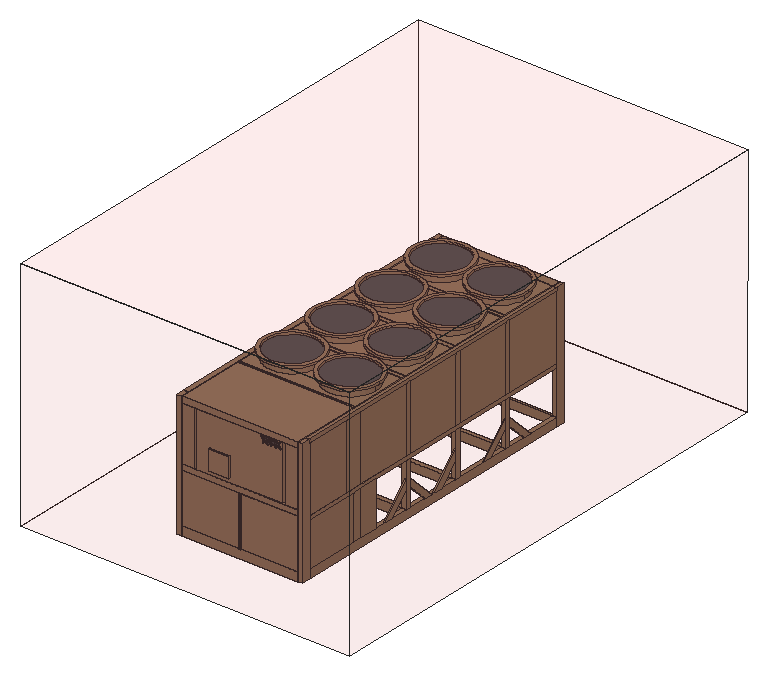
Revit family (continued)
Definition of nested family "Box_Frame-York-YCIV-4_Row"
  Dimensions and locks (in)
    aligned and locked: curve 161 to plane 11 "Box Back Inset"
    aligned and locked: curve 163 to plane 11 "Box Back Inset"
    aligned and locked: curve 165 to plane 11 "Box Back Inset"
    aligned and locked: curve 167 to plane 11 "Box Back Inset"
    aligned and locked: Extrusion 16 sketch curve to plane 17 "Column One Middle"
    aligned and locked: Masking region 17 sketch curve to plane 17 "Column One Middle"
    aligned and locked: Masking region 17 sketch curve to plane 11 "Box Back Inset"
    aligned and locked: plane 10 "Box Inset Right" to Masking region 17 sketch curve
    aligned and locked: Masking region 17 sketch curve to plane 9 "Box Inset Left"
    aligned and locked: Masking region 12 to plane 11 "Box Back Inset"
    aligned and locked: plane 9 "Box Inset Left" to curve 238
    aligned and locked: plane 10 "Box Inset Right" to curve 239
    aligned and locked: plane 10 "Box Inset Right" to curve 238
    aligned and locked: plane 22 "Column Four Back" to curve 238
    aligned and locked: plane 21 "Column Four Front" to curve 239
    aligned and locked: plane 24 "Column Three Back" to curve 240
    aligned and locked: plane 23 "Column Three Front" to curve 241
    aligned and locked: plane 26 "Column Two Back" to curve 242
    aligned and locked: plane 25 "Column Two Front" to curve 243
    aligned and locked: plane 27 "Column One Back" to curve 244
    aligned and locked: Masking region 10 sketch curve to plane 16 "Box Bottom Inset"
    aligned and locked: plane 2 "Box Bottom" to Masking region 10 sketch curve
    aligned and locked: plane 12 "Box Front Inset" to curve 246
    aligned and locked: plane 12 "Box Front Inset" to curve 245
    aligned and locked: plane 11 "Box Back Inset" to curve 246
    aligned and locked: plane 11 "Box Back Inset" to curve 245
    aligned and locked: curve 246 to plane 2 "Box Bottom"
    aligned and locked: curve 245 to plane 16 "Box Bottom Inset"
    aligned and locked: plane 12 "Box Front Inset" to curve 247
    aligned and locked: plane 12 "Box Front Inset" to curve 248
    aligned and locked: plane 11 "Box Back Inset" to curve 248
    aligned and locked: plane 11 "Box Back Inset" to curve 247
    aligned and locked: curve 247 to plane 16 "Box Bottom Inset"
    aligned and locked: curve 248 to plane 2 "Box Bottom"
    aligned and locked: plane 12 "Box Front Inset" to curve 249
    aligned and locked: plane 12 "Box Front Inset" to curve 250
    aligned and locked: plane 11 "Box Back Inset" to curve 250
    aligned and locked: plane 11 "Box Back Inset" to curve 249
    aligned and locked: curve 249 to plane 16 "Box Bottom Inset"
    aligned and locked: curve 250 to plane 2 "Box Bottom"
    aligned and locked: plane 12 "Box Front Inset" to curve 251
    aligned and locked: plane 12 "Box Front Inset" to curve 252
    aligned and locked: plane 11 "Box Back Inset" to curve 252
    aligned and locked: plane 11 "Box Back Inset" to curve 251
    aligned and locked: curve 252 to plane 2 "Box Bottom"
    aligned and locked: curve 251 to plane 16 "Box Bottom Inset"
    aligned and locked: plane 9 "Box Inset Left" to curve 254
    aligned and locked: Masking region 16 sketch curve to plane 11 "Box Back Inset"
    aligned and locked: plane 15 "Top Inset" to curve 261
    aligned and locked: plane 15 "Top Inset" to curve 260
    aligned and locked: plane 15 "Top Inset" to curve 259
    aligned and locked: plane 15 "Top Inset" to curve 258
    aligned and locked: plane 15 "Top Inset" to curve 257
    aligned and locked: plane 15 "Top Inset" to curve 255
    aligned and locked: plane 15 "Top Inset" to curve 256
    aligned and locked: plane 13 "Middle Bar Top" to curve 261
    aligned and locked: plane 13 "Middle Bar Top" to curve 260
    aligned and locked: plane 13 "Middle Bar Top" to curve 259
    aligned and locked: plane 13 "Middle Bar Top" to curve 258
    aligned and locked: plane 13 "Middle Bar Top" to curve 257
    aligned and locked: plane 13 "Middle Bar Top" to curve 255
    aligned and locked: plane 13 "Middle Bar Top" to curve 256
    aligned and locked: plane 25 "Column Two Front" to curve 255
    aligned and locked: plane 26 "Column Two Back" to curve 257
    aligned and locked: plane 23 "Column Three Front" to curve 258
    aligned and locked: plane 24 "Column Three Back" to curve 259
    aligned and locked: plane 21 "Column Four Front" to curve 260
    aligned and locked: plane 22 "Column Four Back" to curve 261
    aligned and locked: Extrusion 17 sketch curve to plane 15 "Top Inset"
    aligned and locked: plane 13 "Middle Bar Top" to Extrusion 17 sketch curve
    aligned and locked: plane 11 "Box Back Inset" to Extrusion 17 sketch curve
    aligned and locked: Extrusion 17 sketch curve to plane 40 "Back Frame Inset"
    aligned and locked: plane 9 "Box Inset Left" to Extrusion 17
    aligned and locked: Extrusion 17 to plane 10 "Box Inset Right"
    aligned and locked: plane 6 "Box Left" to curve 52
    aligned and locked: plane 6 "Box Left" to curve 64
    aligned and locked: plane 2 "Box Bottom" to curve 53
    aligned and locked: plane 2 "Box Bottom" to curve 62
    aligned and locked: plane 2 "Box Bottom" to curve 56
    aligned and locked: plane 2 "Box Bottom" to curve 121
    aligned and locked: plane 2 "Box Bottom" to curve 60
    aligned and locked: plane 10 "Box Inset Right" to curve 119
    aligned and locked: plane 10 "Box Inset Right" to curve 117
    aligned and locked: plane 10 "Box Inset Right" to curve 36
    aligned and locked: plane 10 "Box Inset Right" to curve 40
    aligned and locked: plane 8 "Box Top" to curve 87
    aligned and locked: plane 8 "Box Top" to curve 146
    aligned and locked: plane 8 "Box Top" to curve 72
    aligned and locked: plane 8 "Box Top" to curve 147
    aligned and locked: plane 8 "Box Top" to curve 70
    aligned and locked: plane 8 "Box Top" to curve 78
    aligned and locked: plane 8 "Box Top" to curve 88
    aligned and locked: plane 8 "Box Top" to curve 89
    aligned and locked: plane 8 "Box Top" to curve 90
    aligned and locked: plane 2 "Box Bottom" to curve 78
    aligned and locked: plane 2 "Box Bottom" to curve 94  (x2)
    aligned and locked: plane 2 "Box Bottom" to curve 76
    aligned and locked: plane 2 "Box Bottom" to curve 82
    aligned and locked: plane 2 "Box Bottom" to curve 91
    aligned and locked: plane 2 "Box Bottom" to curve 80
    aligned and locked: plane 2 "Box Bottom" to curve 246
    aligned and locked: plane 2 "Box Bottom" to curve 74
    aligned and locked: plane 2 "Box Bottom" to curve 248
    aligned and locked: plane 2 "Box Bottom" to curve 72
    aligned and locked: plane 2 "Box Bottom" to curve 252
    aligned and locked: plane 11 "Box Back Inset" to curve 124
    aligned and locked: plane 16 "Box Bottom Inset" to curve 247
    aligned and locked: plane 16 "Box Bottom Inset" to curve 245
    aligned and locked: plane 11 "Box Back Inset" to curve 102
    aligned and locked: plane 2 "Box Bottom" to curve 95
    aligned and locked: plane 29 "Front Bar Top" to curve 17
    aligned and locked: plane 29 "Front Bar Top" to curve 21
    aligned and locked: plane 38 "Control Panel Right" to curve 29
    aligned and locked: plane 39 "Control Panel Left" to curve 15
    aligned and locked: plane 38 "Control Panel Right" to curve 15
    aligned and locked: plane 29 "Front Bar Top" to curve 262
    aligned and locked: curve 262 to plane 39 "Control Panel Left"
    aligned and locked: plane 34 "Access Panel Left" to curve 3
    aligned and locked: plane 34 "Access Panel Left" to curve 2
    aligned and locked: plane 35 "Access Panel Right" to curve 2
    aligned and locked: plane 35 "Access Panel Right" to curve 263
    aligned and locked: plane 34 "Access Panel Left" to curve 263
    aligned and locked: plane 33 "Access Panel Top" to curve 263
    aligned and locked: plane 33 "Access Panel Top" to curve 1
    aligned and locked: plane 32 "Access Panel Bottom" to curve 1
    aligned and locked: curve 264 to Extrusion 1
    aligned and locked: plane 33 "Access Panel Top" to curve 264
    aligned and locked: plane 32 "Access Panel Bottom" to curve 264
    aligned and locked: plane 32 "Access Panel Bottom" to curve 6
    aligned and locked: plane 33 "Access Panel Top" to curve 6
    aligned and locked: curve 9 to plane 34 "Access Panel Left"
    aligned and locked: plane 35 "Access Panel Right" to curve 3
    aligned and locked: plane 32 "Access Panel Bottom" to curve 4
    aligned and locked: plane 33 "Access Panel Top" to curve 4
    aligned and locked: plane 2 "Box Bottom" to curve 54
    aligned and locked: plane 9 "Box Inset Left" to curve 34
    aligned and locked: plane 8 "Box Top" to curve 66
    aligned and locked: plane 2 "Box Bottom" to curve 66
    aligned and locked: plane 2 "Box Bottom" to curve 52
    aligned and locked: plane 8 "Box Top" to curve 52
    aligned and locked: plane 6 "Box Left" to curve 53
    aligned and locked: plane 9 "Box Inset Left" to curve 53
    aligned and locked: plane 9 "Box Inset Left" to curve 36
    aligned and locked: plane 9 "Box Inset Left" to curve 38
    aligned and locked: plane 10 "Box Inset Right" to curve 34
    aligned and locked: plane 10 "Box Inset Right" to curve 38
    aligned and locked: plane 12 "Box Front Inset" to curve 97
    aligned and locked: plane 9 "Box Inset Left" to curve 65
    aligned and locked: plane 6 "Box Left" to curve 63
    aligned and locked: plane 9 "Box Inset Left" to curve 63
    aligned and locked: plane 2 "Box Bottom" to curve 64
    aligned and locked: plane 8 "Box Top" to curve 64
    aligned and locked: plane 8 "Box Top" to curve 58
    aligned and locked: plane 8 "Box Top" to curve 56
    aligned and locked: plane 8 "Box Top" to curve 60
    aligned and locked: plane 8 "Box Top" to curve 62
    aligned and locked: plane 7 "Box Right" to curve 55
    aligned and locked: plane 7 "Box Right" to curve 59
    aligned and locked: plane 10 "Box Inset Right" to curve 55
    aligned and locked: plane 10 "Box Inset Right" to curve 59
    aligned and locked: plane 2 "Box Bottom" to curve 57
    aligned and locked: plane 7 "Box Right" to curve 57
    aligned and locked: plane 10 "Box Inset Right" to curve 57
    aligned and locked: plane 7 "Box Right" to curve 61
    aligned and locked: plane 10 "Box Inset Right" to curve 61
    aligned and locked: plane 9 "Box Inset Left" to curve 143
    aligned and locked: plane 10 "Box Inset Right" to curve 143
    aligned and locked: plane 9 "Box Inset Left" to curve 121
    aligned and locked: plane 10 "Box Inset Right" to curve 121
    aligned and locked: plane 9 "Box Inset Left" to curve 119
    aligned and locked: plane 2 "Box Bottom" to curve 58
    aligned and locked: plane 29 "Front Bar Top" to curve 46
    aligned and locked: plane 11 "Box Back Inset" to curve 146
    aligned and locked: plane 10 "Box Inset Right" to curve 141
    aligned and locked: plane 10 "Box Inset Right" to curve 139
    aligned and locked: plane 10 "Box Inset Right" to curve 133
    aligned and locked: plane 10 "Box Inset Right" to curve 131
    aligned and locked: plane 10 "Box Inset Right" to curve 129
    aligned and locked: plane 10 "Box Inset Right" to curve 137
    aligned and locked: plane 10 "Box Inset Right" to curve 125
    aligned and locked: plane 10 "Box Inset Right" to curve 127
    aligned and locked: plane 10 "Box Inset Right" to curve 135
    aligned and locked: plane 10 "Box Inset Right" to curve 123
    aligned and locked: plane 10 "Box Inset Right" to curve 111
    aligned and locked: plane 10 "Box Inset Right" to curve 115
    aligned and locked: plane 10 "Box Inset Right" to curve 109
    aligned and locked: plane 10 "Box Inset Right" to curve 103
    aligned and locked: plane 10 "Box Inset Right" to curve 101
    aligned and locked: plane 10 "Box Inset Right" to curve 105
    aligned and locked: plane 10 "Box Inset Right" to curve 113
    aligned and locked: plane 10 "Box Inset Right" to curve 107
    aligned and locked: plane 9 "Box Inset Left" to curve 141
    aligned and locked: plane 9 "Box Inset Left" to curve 139
    aligned and locked: plane 9 "Box Inset Left" to curve 129
    aligned and locked: plane 9 "Box Inset Left" to curve 131
    aligned and locked: plane 9 "Box Inset Left" to curve 127
    aligned and locked: plane 9 "Box Inset Left" to curve 133
    aligned and locked: plane 9 "Box Inset Left" to curve 125
    aligned and locked: plane 9 "Box Inset Left" to curve 135
    aligned and locked: plane 9 "Box Inset Left" to curve 123
    aligned and locked: plane 9 "Box Inset Left" to curve 137
    aligned and locked: plane 9 "Box Inset Left" to curve 115
    aligned and locked: plane 9 "Box Inset Left" to curve 107
    aligned and locked: plane 9 "Box Inset Left" to curve 113
    aligned and locked: plane 9 "Box Inset Left" to curve 109
    aligned and locked: plane 9 "Box Inset Left" to curve 103
    aligned and locked: plane 9 "Box Inset Left" to curve 101
    aligned and locked: plane 9 "Box Inset Left" to curve 117
    aligned and locked: plane 9 "Box Inset Left" to curve 111
    aligned and locked: plane 9 "Box Inset Left" to curve 105
    aligned and locked: plane 9 "Box Inset Left" to curve 99
    aligned and locked: plane 8 "Box Top" to curve 74
    aligned and locked: plane 8 "Box Top" to curve 68
    aligned and locked: plane 8 "Box Top" to curve 80
    aligned and locked: plane 8 "Box Top" to curve 82
    aligned and locked: plane 2 "Box Bottom" to curve 68
    aligned and locked: plane 2 "Box Bottom" to curve 70
    aligned and locked: plane 14 "Middle Bar Bottom" to curve 173
    aligned and locked: plane 14 "Middle Bar Bottom" to curve 175
    aligned and locked: plane 14 "Middle Bar Bottom" to curve 169
    aligned and locked: plane 14 "Middle Bar Bottom" to curve 177
    aligned and locked: plane 14 "Middle Bar Bottom" to curve 171
    aligned and locked: plane 14 "Middle Bar Bottom" to curve 179
    aligned and locked: plane 14 "Middle Bar Bottom" to curve 181
    aligned and locked: plane 14 "Middle Bar Bottom" to curve 183
    aligned and locked: plane 14 "Middle Bar Bottom" to curve 201
    aligned and locked: plane 14 "Middle Bar Bottom" to curve 203
    aligned and locked: plane 14 "Middle Bar Bottom" to curve 205
    aligned and locked: plane 14 "Middle Bar Bottom" to curve 207
    aligned and locked: plane 14 "Middle Bar Bottom" to curve 213
    aligned and locked: plane 14 "Middle Bar Bottom" to curve 209
    aligned and locked: plane 14 "Middle Bar Bottom" to curve 215
    aligned and locked: plane 14 "Middle Bar Bottom" to curve 211
    aligned and locked: plane 14 "Middle Bar Bottom" to curve 217
    aligned and locked: plane 14 "Middle Bar Bottom" to curve 219
    aligned and locked: plane 14 "Middle Bar Bottom" to curve 221
    aligned and locked: plane 14 "Middle Bar Bottom" to curve 223
    aligned and locked: plane 14 "Middle Bar Bottom" to curve 227
    aligned and locked: plane 14 "Middle Bar Bottom" to curve 225
    aligned and locked: plane 14 "Middle Bar Bottom" to curve 231
    aligned and locked: plane 14 "Middle Bar Bottom" to curve 229
    aligned and locked: plane 14 "Middle Bar Bottom" to curve 191
    aligned and locked: plane 14 "Middle Bar Bottom" to curve 189
    aligned and locked: plane 14 "Middle Bar Bottom" to curve 185
    aligned and locked: plane 14 "Middle Bar Bottom" to curve 187
    aligned and locked: plane 14 "Middle Bar Bottom" to curve 193
    aligned and locked: plane 14 "Middle Bar Bottom" to curve 195
    aligned and locked: plane 14 "Middle Bar Bottom" to curve 197
    aligned and locked: plane 14 "Middle Bar Bottom" to curve 199
    aligned and locked: plane 16 "Box Bottom Inset" to curve 195
    aligned and locked: plane 16 "Box Bottom Inset" to curve 197
    aligned and locked: plane 16 "Box Bottom Inset" to curve 193
    aligned and locked: plane 16 "Box Bottom Inset" to curve 199
    aligned and locked: plane 16 "Box Bottom Inset" to curve 187
    aligned and locked: plane 16 "Box Bottom Inset" to curve 189
    aligned and locked: plane 16 "Box Bottom Inset" to curve 185
    aligned and locked: plane 16 "Box Bottom Inset" to curve 191
    aligned and locked: plane 16 "Box Bottom Inset" to curve 225
    aligned and locked: plane 16 "Box Bottom Inset" to curve 229
    aligned and locked: plane 16 "Box Bottom Inset" to curve 227
    aligned and locked: plane 16 "Box Bottom Inset" to curve 231
    aligned and locked: plane 16 "Box Bottom Inset" to curve 219
    aligned and locked: plane 16 "Box Bottom Inset" to curve 221
    aligned and locked: plane 16 "Box Bottom Inset" to curve 217
    aligned and locked: plane 16 "Box Bottom Inset" to curve 223
    aligned and locked: plane 16 "Box Bottom Inset" to curve 209
    aligned and locked: plane 16 "Box Bottom Inset" to curve 213
    aligned and locked: plane 16 "Box Bottom Inset" to curve 211
    aligned and locked: plane 16 "Box Bottom Inset" to curve 215
    aligned and locked: plane 16 "Box Bottom Inset" to curve 203
    aligned and locked: plane 16 "Box Bottom Inset" to curve 201
    aligned and locked: plane 16 "Box Bottom Inset" to curve 205
    aligned and locked: plane 16 "Box Bottom Inset" to curve 207
    aligned and locked: plane 16 "Box Bottom Inset" to curve 175
    aligned and locked: plane 16 "Box Bottom Inset" to curve 177
    aligned and locked: plane 16 "Box Bottom Inset" to curve 171
    aligned and locked: plane 16 "Box Bottom Inset" to curve 181
    aligned and locked: plane 16 "Box Bottom Inset" to curve 179
    aligned and locked: plane 16 "Box Bottom Inset" to curve 169
    aligned and locked: plane 16 "Box Bottom Inset" to curve 173
    aligned and locked: plane 16 "Box Bottom Inset" to curve 183
    aligned and locked: plane 5 "Box Front" to Extrusion 12
    aligned and locked: plane 41 "Bar Left of Control Panel" to Extrusion 18 sketch curve
    aligned and locked: Extrusion 18 sketch curve to plane 42 "Bar Right of Control Panel"
    aligned and locked: plane 29 "Front Bar Top" to Extrusion 18 sketch curve  (x2)
    aligned and locked: Extrusion 18 sketch curve to plane 9 "Box Inset Left"
    aligned and locked: plane 10 "Box Inset Right" to Extrusion 18 sketch curve
    aligned and locked: Extrusion 18 to plane 36 "Panel Front"
    aligned and locked: plane 5 "Box Front" to Extrusion 18
    aligned and locked: plane 36 "Panel Front" to Extrusion 19 sketch curve
    aligned and locked: Extrusion 19 sketch curve to plane 5 "Box Front"
    aligned and locked: Extrusion 19 sketch curve to plane 43 "Front Bar Left"
    aligned and locked: plane 44 "Front Bar Right" to Extrusion 19 sketch curve
    aligned and locked: plane 30 "Front Bar Bottom" to Extrusion 19
    aligned and locked: Extrusion 19 to plane 16 "Box Bottom Inset"
    aligned and locked: Extrusion 6 sketch curve to plane 5 "Box Front"
    aligned and locked: plane 9 "Box Inset Left" to curve 266
    aligned and locked: plane 10 "Box Inset Right" to curve 266
    aligned and locked: plane 5 "Box Front" to curve 266
    aligned and locked: plane 46 "Angle Support Five Back" to Extrusion 20 sketch curve
    aligned and locked: Extrusion 20 sketch curve to plane 16 "Box Bottom Inset"  (x4)
    aligned and locked: plane 22 "Column Four Back" to Extrusion 20 sketch curve  (x2)
    aligned and locked: plane 48 "Angle Support Top" to Extrusion 20 sketch curve  (x5)
    aligned and locked: plane 16 "Box Bottom Inset" to Extrusion 20 sketch curve  (x6)
    aligned and locked: plane 47 "Angle Support Five Front" to Extrusion 20 sketch curve
    aligned and locked: plane 49 "Angle Support Inside Bottom" to Extrusion 20 sketch curve  (x5)
    aligned and locked: Extrusion 20 sketch curve to plane 21 "Column Four Front"
    aligned and locked: plane 51 "Angle Support Four Back" to Extrusion 20 sketch curve
    aligned and locked: plane 50 "Angle Support Four Front" to Extrusion 20 sketch curve
    aligned and locked: plane 21 "Column Four Front" to Extrusion 20 sketch curve
    aligned and locked: plane 52 "Angle Support Three Back" to Extrusion 20 sketch curve
    aligned and locked: plane 23 "Column Three Front" to Extrusion 20 sketch curve  (x2)
    aligned and locked: plane 53 "Angle Support Three Front" to Extrusion 20 sketch curve
    aligned and locked: plane 54 "Angle Support Two Front" to Extrusion 20 sketch curve
    aligned and locked: plane 26 "Column Two Back" to Extrusion 20 sketch curve  (x2)
    aligned and locked: plane 55 "Angle Support Two Back" to Extrusion 20 sketch curve
    aligned and locked: plane 56 "Angle Support One Back" to Extrusion 20 sketch curve
    aligned and locked: plane 25 "Column Two Front" to Extrusion 20 sketch curve  (x2)
    aligned and locked: plane 57 "Angle Support One Front" to Extrusion 20 sketch curve
    aligned and locked: Extrusion 20 to plane 7 "Box Right"
    aligned and locked: plane 58 "Angle Support Right" to Extrusion 20
    aligned and locked: plane 46 "Angle Support Five Back" to Extrusion 21 sketch curve
    aligned and locked: plane 47 "Angle Support Five Front" to Extrusion 21 sketch curve
    aligned and locked: Extrusion 21 sketch curve to plane 16 "Box Bottom Inset"  (x5)
    aligned and locked: plane 22 "Column Four Back" to Extrusion 21 sketch curve  (x2)
    aligned and locked: plane 49 "Angle Support Inside Bottom" to Extrusion 21 sketch curve  (x5)
    aligned and locked: plane 51 "Angle Support Four Back" to Extrusion 21 sketch curve
    aligned and locked: plane 50 "Angle Support Four Front" to Extrusion 21 sketch curve
    aligned and locked: plane 21 "Column Four Front" to Extrusion 21 sketch curve  (x2)
    aligned and locked: plane 48 "Angle Support Top" to Extrusion 21 sketch curve  (x5)
    aligned and locked: plane 53 "Angle Support Three Front" to Extrusion 21 sketch curve
    aligned and locked: plane 52 "Angle Support Three Back" to Extrusion 21 sketch curve
    aligned and locked: Extrusion 21 sketch curve to plane 23 "Column Three Front"
    aligned and locked: plane 54 "Angle Support Two Front" to Extrusion 21 sketch curve
    aligned and locked: Extrusion 21 sketch curve to plane 26 "Column Two Back"
    aligned and locked: plane 25 "Column Two Front" to Extrusion 21 sketch curve  (x2)
    aligned and locked: plane 56 "Angle Support One Back" to Extrusion 21 sketch curve
    aligned and locked: plane 57 "Angle Support One Front" to Extrusion 21 sketch curve
    aligned and locked: plane 16 "Box Bottom Inset" to Extrusion 21 sketch curve  (x5)
    aligned and locked: plane 26 "Column Two Back" to Extrusion 21 sketch curve
    aligned and locked: plane 55 "Angle Support Two Back" to Extrusion 21 sketch curve
    aligned and locked: plane 23 "Column Three Front" to Extrusion 21 sketch curve
    aligned and locked: plane 6 "Box Left" to Extrusion 21
    aligned and locked: Extrusion 21 to plane 59 "Angle Support Left"
    aligned and locked: plane 33 "Access Panel Top" to Extrusion 1
    aligned and locked: Extrusion 1 to plane 32 "Access Panel Bottom"
    aligned and locked: Extrusion 10 sketch curve to plane 60 "Column One Front"  (x2)
    aligned and locked: Extrusion 11 to plane 28 "Top Column Front"
    aligned and locked: Extrusion 14 sketch curve to plane 28 "Top Column Front"  (x2)
    aligned and locked: Extrusion 2 sketch curve to plane 61 "Top Front Inset"
    aligned and locked: Extrusion 18 sketch curve to plane 61 "Top Front Inset"  (x2)
    aligned and locked: plane 61 "Top Front Inset" to Extrusion 12 sketch curve
    aligned and locked: curve 253 to plane 61 "Top Front Inset"
    aligned and locked: curve 26 to plane 61 "Top Front Inset"
    aligned and locked: curve 121 to plane 5 "Box Front"
    aligned and locked: Masking region 5 sketch curve to plane 8 "Box Top"
    aligned and locked: plane 61 "Top Front Inset" to Extrusion 4
    aligned and locked: plane 10 "Box Inset Right" to curve 267
    aligned and locked: curve 267 to plane 61 "Top Front Inset"
    aligned and locked: plane 42 "Bar Right of Control Panel" to curve 269
    aligned and locked: plane 41 "Bar Left of Control Panel" to curve 268
    aligned and locked: plane 28 "Top Column Front" to curve 256
    aligned and locked: Masking region 16 sketch curve to plane 27 "Column One Back"
    aligned and locked: plane 27 "Column One Back" to Masking region 14 sketch curve
    aligned and locked: plane 16 "Box Bottom Inset" to Masking region 18 sketch curve
    aligned and locked: Masking region 18 sketch curve to plane 14 "Middle Bar Bottom"
    aligned and locked: Masking region 18 sketch curve to plane 12 "Box Front Inset"
    aligned and locked: plane 45 "Side Framing Extra" to Masking region 18 sketch curve
    aligned and locked: plane 47 "Angle Support Five Front" to Masking region 19 sketch curve
    aligned and locked: Masking region 19 sketch curve to plane 16 "Box Bottom Inset"  (x4)
    aligned and locked: plane 22 "Column Four Back" to Masking region 19 sketch curve  (x2)
    aligned and locked: plane 49 "Angle Support Inside Bottom" to Masking region 19 sketch curve  (x5)
    aligned and locked: plane 48 "Angle Support Top" to Masking region 19 sketch curve  (x5)
    aligned and locked: plane 21 "Column Four Front" to Masking region 19 sketch curve  (x2)
    aligned and locked: plane 51 "Angle Support Four Back" to Masking region 19 sketch curve
    aligned and locked: plane 50 "Angle Support Four Front" to Masking region 19 sketch curve
    aligned and locked: plane 23 "Column Three Front" to Masking region 19 sketch curve  (x2)
    aligned and locked: plane 26 "Column Two Back" to Masking region 19 sketch curve  (x2)
    aligned and locked: plane 25 "Column Two Front" to Masking region 19 sketch curve  (x2)
    aligned and locked: plane 56 "Angle Support One Back" to Masking region 19 sketch curve
    aligned and locked: plane 57 "Angle Support One Front" to Masking region 19 sketch curve
    aligned and locked: plane 53 "Angle Support Three Front" to Masking region 19 sketch curve
    aligned and locked: plane 16 "Box Bottom Inset" to Masking region 19 sketch curve  (x6)
    aligned and locked: plane 55 "Angle Support Two Back" to Masking region 19 sketch curve
    aligned and locked: plane 54 "Angle Support Two Front" to Masking region 19 sketch curve
    aligned and locked: plane 52 "Angle Support Three Back" to Masking region 19 sketch curve
    aligned and locked: plane 46 "Angle Support Five Back" to Masking region 19 sketch curve
    aligned and locked: Extrusion 6 sketch curve to plane 60 "Column One Front"
    aligned and locked: curve 141 to plane 60 "Column One Front"
    aligned and locked: curve 117 to plane 60 "Column One Front"
    aligned and locked: curve 18 to plane 61 "Top Front Inset"
    aligned and locked: plane 30 "Front Bar Bottom" to curve 270
    aligned and locked: plane 16 "Box Bottom Inset" to curve 271
    aligned and locked: plane 16 "Box Bottom Inset" to curve 270
    aligned and locked: plane 44 "Front Bar Right" to curve 271
    aligned and locked: plane 43 "Front Bar Left" to curve 270
    aligned and locked: plane 5 "Box Front" to curve 273
    aligned and locked: plane 5 "Box Front" to curve 272
    aligned and locked: plane 12 "Box Front Inset" to curve 273
    aligned and locked: plane 12 "Box Front Inset" to curve 272
    aligned and locked: curve 272 to plane 30 "Front Bar Bottom"
    aligned and locked: curve 273 to plane 30 "Front Bar Bottom"
    aligned and locked: plane 15 "Top Inset" to curve 237
    aligned and locked: plane 61 "Top Front Inset" to curve 274
    aligned and locked: plane 29 "Front Bar Top" to curve 274
    aligned and locked: plane 42 "Bar Right of Control Panel" to curve 275
    aligned and locked: plane 41 "Bar Left of Control Panel" to curve 274
    aligned and locked: plane 5 "Box Front" to curve 278
    aligned and locked: plane 5 "Box Front" to curve 280
    aligned and locked: plane 36 "Panel Front" to curve 278
    aligned and locked: plane 36 "Panel Front" to curve 280
    aligned and locked: curve 278 to plane 61 "Top Front Inset"
    aligned and locked: curve 280 to plane 61 "Top Front Inset"
    aligned and locked: plane 5 "Box Front" to curve 281
    aligned and locked: plane 5 "Box Front" to curve 279
    aligned and locked: plane 36 "Panel Front" to curve 281
    aligned and locked: plane 36 "Panel Front" to curve 279
    aligned and locked: curve 281 to plane 29 "Front Bar Top"
    aligned and locked: curve 279 to plane 29 "Front Bar Top"
    aligned and locked: Masking region 20 sketch curve to plane 4 "Box Back"
    aligned and locked: plane 7 "Box Right" to Masking region 20 sketch curve
    aligned and locked: Masking region 20 sketch curve to plane 6 "Box Left"
    aligned and locked: Masking region 20 sketch curve to plane 5 "Box Front"
    aligned and locked: Masking region 21 sketch curve to plane 30 "Front Bar Bottom"
    aligned and locked: plane 16 "Box Bottom Inset" to Masking region 21 sketch curve
    aligned and locked: plane 44 "Front Bar Right" to Masking region 21 sketch curve
    aligned and locked: Masking region 21 sketch curve to plane 43 "Front Bar Left"
    aligned and locked: Extrusion 22 sketch curve to plane 30 "Front Bar Bottom"  (x2)
    aligned and locked: plane 16 "Box Bottom Inset" to Extrusion 22 sketch curve  (x2)
    aligned and locked: plane 43 "Front Bar Left" to Extrusion 22 sketch curve
    aligned and locked: Extrusion 22 sketch curve to plane 44 "Front Bar Right"
    aligned and locked: plane 10 "Box Inset Right" to Extrusion 22 sketch curve
    aligned and locked: Extrusion 22 sketch curve to plane 9 "Box Inset Left"
    aligned and locked: Extrusion 22 to plane 12 "Box Front Inset"
    aligned and locked: plane 5 "Box Front" to Extrusion 22
    aligned and locked: Masking region 22 sketch curve to plane 30 "Front Bar Bottom"  (x2)
    aligned and locked: plane 16 "Box Bottom Inset" to Masking region 22 sketch curve  (x2)
    aligned and locked: Masking region 22 sketch curve to plane 44 "Front Bar Right"
    aligned and locked: plane 43 "Front Bar Left" to Masking region 22 sketch curve
    aligned and locked: Masking region 22 sketch curve to plane 9 "Box Inset Left"
    aligned and locked: plane 10 "Box Inset Right" to Masking region 22 sketch curve
    aligned and locked: Masking region 23 sketch curve to plane 14 "Middle Bar Bottom"
    aligned and locked: plane 16 "Box Bottom Inset" to Masking region 23 sketch curve
    aligned and locked: plane 27 "Column One Back" to Masking region 23 sketch curve
    aligned and locked: Masking region 23 sketch curve to plane 60 "Column One Front"
    aligned and locked: Extrusion 23 sketch curve to plane 14 "Middle Bar Bottom"  (x2)
    aligned and locked: plane 16 "Box Bottom Inset" to Extrusion 23 sketch curve  (x2)
    aligned and locked: plane 45 "Side Framing Extra" to Extrusion 23 sketch curve
    aligned and locked: Extrusion 23 sketch curve to plane 27 "Column One Back"
    aligned and locked: plane 60 "Column One Front" to Extrusion 23 sketch curve
    aligned and locked: Extrusion 23 sketch curve to plane 12 "Box Front Inset"
    aligned and locked: Extrusion 23 to plane 7 "Box Right"
    aligned and locked: plane 10 "Box Inset Right" to Extrusion 23
    aligned and locked: Extrusion 24 sketch curve to plane 14 "Middle Bar Bottom"  (x2)
    aligned and locked: plane 16 "Box Bottom Inset" to Extrusion 24 sketch curve  (x2)
    aligned and locked: Extrusion 24 sketch curve to plane 12 "Box Front Inset"
    aligned and locked: plane 60 "Column One Front" to Extrusion 24 sketch curve
    aligned and locked: Extrusion 24 sketch curve to plane 27 "Column One Back"
    aligned and locked: plane 45 "Side Framing Extra" to Extrusion 24 sketch curve
    aligned and locked: Extrusion 24 to plane 9 "Box Inset Left"
    aligned and locked: plane 6 "Box Left" to Extrusion 24
  Automatic sketch dimensions
    curve 90 to plane 4 "Box Back" = 0"
    curve 87 to plane 4 "Box Back" = 0"
    curve 84 to plane 5 "Box Front" = 0"
    curve 83 to plane 5 "Box Front" = 0"
    curve 85 to plane 5 "Box Front" = 0"
    curve 86 to plane 5 "Box Front" = 0"
    curve 7 to plane 5 "Box Front" = 0"
    curve 8 to plane 5 "Box Front" = 0"
    curve 8 to plane 37 "Access Panel Front" = 0"
    curve 7 to plane 37 "Access Panel Front" = 0"
    curve 10 to plane 35 "Access Panel Right" = 0"
    curve 9 to plane 5 "Box Front" = 0"
    curve 10 to plane 5 "Box Front" = 0"
    curve 10 to plane 37 "Access Panel Front" = 0"
    curve 9 to plane 37 "Access Panel Front" = 0"
    curve 49 to plane 12 "Box Front Inset" = 0"
    curve 50 to plane 12 "Box Front Inset" = 0"
    curve 22 to plane 36 "Panel Front" = 0"
    curve 23 to plane 36 "Panel Front" = 0"
    curve 49 to plane 36 "Panel Front" = 0"
    curve 43 to plane 36 "Panel Front" = 0"
    curve 23 to plane 5 "Box Front" = 0"
    curve 42 to plane 5 "Box Front" = 0"
    curve 43 to plane 5 "Box Front" = 0"
    curve 22 to plane 5 "Box Front" = 0"
    curve 44 to plane 36 "Panel Front" = 0"
    curve 45 to plane 36 "Panel Front" = 0"
    curve 45 to plane 5 "Box Front" = 0"
    curve 44 to plane 5 "Box Front" = 0"
    Extrusion 5 sketch curve to plane 4 "Box Back" = 0"
    curve 125 to plane 11 "Box Back Inset" = 0"
    Masking region 12 sketch curve to plane 11 "Box Back Inset" = 0"
    Extrusion 16 sketch curve to plane 15 "Top Inset" = 0"
    plane 33 "Access Panel Top" to Extrusion 1 sketch curve = 0"
    plane 32 "Access Panel Bottom" to Extrusion 1 sketch curve = 0"
    curve 193 to plane 7 "Box Right" = 0"
    curve 193 to plane 14 "Middle Bar Bottom" = 0"
    curve 193 to plane 16 "Box Bottom Inset" = 0"
    Extrusion 4 sketch curve to plane 8 "Box Top" = 4"
    curve 199 to plane 6 "Box Left" = 0"
    curve 199 to plane 14 "Middle Bar Bottom" = 0"
    curve 199 to plane 16 "Box Bottom Inset" = 0"
    curve 91 to plane 6 "Box Left" = 0"
    curve 98 to plane 6 "Box Left" = 0"
    curve 92 to plane 9 "Box Inset Left" = 0"
    curve 95 to plane 7 "Box Right" = 0"
    curve 94 to plane 7 "Box Right" = 0"
    curve 102 to plane 11 "Box Back Inset" = 0"
    curve 143 to plane 10 "Box Inset Right" = 0"
    curve 143 to plane 12 "Box Front Inset" = 0"
    curve 233 to plane 7 "Box Right" = 0"
    curve 235 to plane 6 "Box Left" = 0"
    curve 233 to plane 15 "Top Inset" = 0"
    curve 235 to plane 15 "Top Inset" = 0"
    curve 233 to plane 13 "Middle Bar Top" = 0"
    curve 235 to plane 13 "Middle Bar Top" = 0"
    curve 198 to plane 9 "Box Inset Left" = 0"
    curve 192 to plane 10 "Box Inset Right" = 0"
    curve 24 to plane 36 "Panel Front" = 0"
    curve 24 to plane 39 "Control Panel Left" = 0"
    curve 24 to plane 5 "Box Front" = 0"
    curve 25 to plane 5 "Box Front" = 0"
    curve 25 to plane 38 "Control Panel Right" = 0"
    curve 25 to plane 36 "Panel Front" = 0"
    curve 46 to plane 8 "Box Top" = 0"
    curve 236 to plane 8 "Box Top" = 0"
    curve 60 to plane 10 "Box Inset Right" = 0"
    curve 62 to plane 8 "Box Top" = 0"
    curve 254 to plane 15 "Top Inset" = 0"
    curve 276 to plane 41 "Bar Left of Control Panel" = 0"
    curve 276 to plane 61 "Top Front Inset" = 0"
    curve 277 to plane 42 "Bar Right of Control Panel" = 0"
    curve 277 to plane 61 "Top Front Inset" = 0"
Definition of nested family "Compressor-York-Screw"
  Parameters (values of type "Compressor")
    Width = Compressor Radius * 2  # 16"
    Model = "Screw Compressor"  # constant formula
    Manufacturer = "York"  # constant formula
    Length = 36"
    Cylinder Material = none
    Compressor Radius = 8"
    Assembly Code = ""
  Reference planes (in)
    plane 1 "Center (Front/Back)": y = 0
    plane 2 "Compressor Bottom": z = 0
    plane 3 "Center (Left/Right)": x = 0
    plane 4 "Compressor Top": z = 16
    plane 5 "Left": x = -8
    plane 6 "Right": x = 8
    plane 7 "Front": y = -18
    plane 8 "Back": y = 18
    plane 9 "Center": z = 8
  Forms (in)
    Extrusion 1, solid, material <- "Cylinder Material", detail levels fine
      sketch origin (0, 0, 0) x (1, 0, 0) y (0, 0, 1)
        loop
          circle (0, 8) r 8
      from -18 to 18
  Lines and regions (in)
    Masking region 1, detail levels fine
      outline origin (0, 0, 0) x (1, 0, 0) y (0, 0, 1)
        loop
          circle (0, 8) r 8
    Masking region 2, detail levels fine
      outline origin (0, 0, 0) x (0, 1, 0) y (0, 0, 1)
        loop
          line (-18, 16) -> (-18, 0) -> (18, 0) -> (18, 16) -> (-18, 16)
    model lines, style "Compressor Fine", detail levels medium
      curve 1: line (0, -18, 16) -> (0, 18, 16)
      curve 2: line (0, -18, 0) -> (0, 18, 0)
      curve 3: line (-8, -18, 8) -> (-8, 18, 8)
      curve 4: line (8, -18, 8) -> (8, 18, 8)
      curve 5: circle (0, 18, 8) r 8 normal (0, -1, 0)
      curve 6: circle (0, -18, 8) r 8 normal (0, -1, 0)
  Dimensions and locks (in)
    equal spacing: plane 5 "Left", plane 3 "Center (Left/Right)", plane 6 "Right"
    "Width": plane 5 "Left" to plane 6 "Right"
    "Width": plane 4 "Compressor Top" to plane 2 "Compressor Bottom"
    equal spacing: plane 7 "Front", plane 1 "Center (Front/Back)", plane 8 "Back"
    "Length": plane 7 "Front" to plane 8 "Back"
    equal spacing: plane 4 "Compressor Top", plane 9 "Center", plane 2 "Compressor Bottom"
    "Compressor Radius": Extrusion 1 sketch curve to plane 9 "Center"
    "Compressor Radius": Extrusion 1 sketch curve to plane 3 "Center (Left/Right)"
    "Compressor Radius": Masking region 1 sketch curve to plane 9 "Center"
    "Compressor Radius": Masking region 1 sketch curve to plane 3 "Center (Left/Right)"
    "Compressor Radius": curve 5 to plane 9 "Center"
    "Compressor Radius": curve 5 to plane 3 "Center (Left/Right)"
    "Compressor Radius": plane 9 "Center" to curve 6
    "Compressor Radius": plane 3 "Center (Left/Right)" to curve 6
    "Compressor Radius": radius of curve 6
    "Compressor Radius": radius of curve 5
    aligned and locked: plane 7 "Front" to Extrusion 1
    aligned and locked: Extrusion 1 to plane 8 "Back"
    aligned and locked: plane 2 "Compressor Bottom" to Masking region 2 sketch curve
    aligned and locked: plane 8 "Back" to Masking region 2 sketch curve
    aligned and locked: Masking region 2 sketch curve to plane 7 "Front"
    aligned and locked: Masking region 2 sketch curve to plane 4 "Compressor Top"
    aligned and locked: plane 7 "Front" to curve 1
    aligned and locked: plane 8 "Back" to curve 1
    aligned and locked: curve 1 to plane 4 "Compressor Top"
    aligned and locked: plane 8 "Back" to curve 2
    aligned and locked: plane 7 "Front" to curve 2
    aligned and locked: curve 2 to plane 2 "Compressor Bottom"
    aligned and locked: plane 7 "Front" to curve 3
    aligned and locked: plane 8 "Back" to curve 3
    aligned and locked: curve 3 to plane 9 "Center"
    aligned and locked: plane 8 "Back" to curve 4
    aligned and locked: plane 7 "Front" to curve 4
    aligned and locked: curve 4 to plane 9 "Center"
    aligned and locked: plane 3 "Center (Left/Right)" to curve 1
    aligned and locked: plane 9 "Center" to curve 3
  Automatic sketch dimensions
    Extrusion 1 sketch curve to plane 3 "Center (Left/Right)" = 0"
    Masking region 1 sketch curve to plane 3 "Center (Left/Right)" = 0"
Definition of nested family "Include Clearance"
  Parameters (values of type "Include Clearance")
    Width = 36"
    Height = 36"
    Depth = 36"
    Clearance Top = 6"
    Clearance Right = 6"
    Clearance Material = Clearance
    Clearance Left = 6"
    Clearance Front = 6"
    Clearance Bottom = 6"
    Clearance Back = 6"
    Assembly Code = ""
  Reference planes (in)
    plane 1 "Center (Front/Back)": y = 0
    plane 2 "Bottom": z = 0
    plane 3 "Center (Left/Right)": x = 0
    plane 4 "Clearance Front": y = -24
    plane 5 "Top": z = 36
    plane 6 "Back": y = 18
    plane 7 "Left": x = -18
    plane 8 "Front": y = -18
    plane 9 "Right": x = 18
    plane 10 "Clearance Back": y = 24
    plane 11 "Clearance Left": x = -24
    plane 12 "Clearance Right": x = 24
    plane 13 "Clearance Top": z = 42
    plane 14 "Clearance Bottom": z = -6
    plane 15 "Center (Elevation)": z = 18
  Forms (in)
    Extrusion 1, solid, material "Clearance" <- "Clearance Material"
      sketch origin (0, 0, 36) x (-1, 0, 0) y (0, -1, 0)
        loop
          line (24, -24) -> (24, 24) -> (-24, 24) -> (-24, -24) -> (24, -24)
      from -42 to 6
  Lines and regions (in)
    symbolic lines, style "Clearance"
      curve 1: line (-24, 24, 36) -> (24, 24, 36)
      curve 2: line (-24, -24, 36) -> (-24, 24, 36)
      curve 3: line (24, -24, 36) -> (-24, -24, 36)
      curve 4: line (24, 24, 36) -> (24, -24, 36)
      curve 5: line (-24, 0, 42) -> (24, 0, 42)
      curve 6: line (-24, 0, -6) -> (-24, 0, 42)
      curve 7: line (24, 0, -6) -> (-24, 0, -6)
      curve 8: line (24, 0, 42) -> (24, 0, -6)
      curve 9: line (0, -24, 42) -> (0, 24, 42)
      curve 10: line (0, -24, -6) -> (0, -24, 42)
      curve 11: line (0, 24, -6) -> (0, -24, -6)
      curve 12: line (0, 24, 42) -> (0, 24, -6)
  Dimensions and locks (in)
    "Height": plane 5 "Top" to plane 2 "Bottom"
    "Depth": plane 6 "Back" to plane 8 "Front"
    "Width": plane 7 "Left" to plane 9 "Right"
    equal spacing: plane 7 "Left", plane 3 "Center (Left/Right)", plane 9 "Right"
    equal spacing: plane 6 "Back", plane 1 "Center (Front/Back)", plane 8 "Front"
    "Clearance Bottom": plane 2 "Bottom" to plane 14 "Clearance Bottom"
    "Clearance Top": plane 13 "Clearance Top" to plane 5 "Top"
    "Clearance Left": plane 11 "Clearance Left" to plane 7 "Left"
    "Clearance Right": plane 9 "Right" to plane 12 "Clearance Right"
    "Clearance Back": plane 10 "Clearance Back" to plane 6 "Back"
    "Clearance Front": plane 4 "Clearance Front" to plane 8 "Front"
    equal spacing: plane 5 "Top", plane 15 "Center (Elevation)", plane 2 "Bottom"
    aligned and locked: level to plane 2 "Bottom"
    aligned and locked: Extrusion 1 sketch curve to plane 10 "Clearance Back"
    aligned and locked: Extrusion 1 sketch curve to plane 11 "Clearance Left"
    aligned and locked: Extrusion 1 sketch curve to plane 12 "Clearance Right"
    aligned and locked: Extrusion 1 sketch curve to plane 4 "Clearance Front"
    aligned and locked: plane 14 "Clearance Bottom" to Extrusion 1
    aligned and locked: plane 13 "Clearance Top" to Extrusion 1
    aligned and locked: curve 1 to plane 10 "Clearance Back"
    aligned and locked: curve 2 to plane 11 "Clearance Left"
    aligned and locked: curve 4 to plane 12 "Clearance Right"
    aligned and locked: curve 3 to plane 4 "Clearance Front"
    aligned and locked: curve 5 to plane 13 "Clearance Top"
    aligned and locked: curve 6 to plane 11 "Clearance Left"
    aligned and locked: curve 7 to plane 14 "Clearance Bottom"
    aligned and locked: curve 8 to plane 12 "Clearance Right"
    aligned and locked: curve 9 to plane 13 "Clearance Top"
    aligned and locked: curve 11 to plane 14 "Clearance Bottom"
    aligned and locked: curve 12 to plane 10 "Clearance Back"
    aligned and locked: curve 10 to plane 4 "Clearance Front"
Definition of nested family "Liquid Chiller, Direct Expansion Plan View"
  Parameters (values of type "Liquid Chiller, Direct Expansion")
    Width = 230"
    Water In Pipe Gap = 112 205/256"
    Pipe Radius = if(Width < 13", 2 255/256", 3")  # 3"
    Pipe Gap = 84 131/256"
    Length = 88 1/8"
    Back Pipe Offset = 44 1/16"
    Assembly Code = ""
    Arrow Width = Arrow Length / 3  # 10.60417"
    Arrow Length = (Width + Length) / 10  # 31 13/16"
    Arrow Height = Arrow Width / 4  # 2.65104"
    Arrow Depth = Arrow Length / 2  # 15 29/32"
  Reference planes (in)
    plane 1 "Center (Left/Right)": y = -10.59431
    plane 2: z = 0
    plane 3 "Left": x = -6.53222
    plane 4 "Right": x = 81.59278
    plane 5 "Center (Front/Back)": x = 37.53028
    plane 6 "Return Line": y = 71.71819
    plane 7 "Water In Line": y = -12.79352
    plane 8 "Top": y = 104.40569
    plane 9 "Bottom": y = -125.59431
    plane 10: x = 37.53028
    plane 11 "Top Arrow": y = 146.82236
    plane 12 "Bottom Arrow Bottom": y = -136.19847
    plane 13 "Bottom Arrow": x = -3.53222
    plane 14 "Top Arrow Bottom": y = 136.21819
    plane 15 "Arrow Lines": x = -38.34472
    plane 16 "Arrow Left": x = -27.74056
    plane 17 "Arrow Right": x = -17.13639
    plane 18 "Top Arrow Left": x = 36.20475
    plane 19 "Top Arrow Right": x = 38.8558
    plane 20 "Top Curve": y = 68.71819
    plane 21 "Bottom Curve": y = -9.79352
    plane 22 "Bottom Arrow Line": y = -157.40681
    plane 23 "Water Out Top": y = 73.04372
    plane 24 "Water Out Bottom": y = 70.39267
    plane 25 "Water In Bottom": y = -14.11904
    plane 26 "Water In Top": y = -11.468
    plane 27 "Bottom Arrow Left": x = -4.85775
    plane 28 "Bottom Arrow Right": x = -2.2067
    plane 29 "Arrow Middle": x = -22.43847
    plane 30 "Lettering": x = -44.34472
  Lines and regions (in)
    Filled region 1, type "Solid Fill - Black", in view "Ref. Level", detail levels coarse
      outline origin (0, 0, 0) x (1, 0, 0) y (0, 1, 0)
        loop
          line (36.20475, 136.21819) -> (38.8558, 136.21819) -> (37.53028, 146.82236) -> (36.20475, 136.21819)
    Filled region 2, type "Solid Fill - Black", in view "Ref. Level", detail levels coarse
      outline origin (0, 0, 0) x (1, 0, 0) y (0, 1, 0)
        loop
          line (-27.74056, 71.71819) -> (-17.13639, 70.39267) -> (-17.13639, 73.04372) -> (-27.74056, 71.71819)
    Filled region 3, type "Solid Fill - Black", in view "Ref. Level", detail levels coarse
      outline origin (0, 0, 0) x (1, 0, 0) y (0, 1, 0)
        loop
          line (-27.74056, -11.468) -> (-27.74056, -14.11904) -> (-17.13639, -12.79352) -> (-27.74056, -11.468)
    Filled region 4, type "Solid Fill - Black", in view "Ref. Level", detail levels coarse
      outline origin (0, 0, 0) x (1, 0, 0) y (0, 1, 0)
        loop
          line (-3.53222, -125.59431) -> (-4.85775, -136.19847) -> (-2.2067, -136.19847) -> (-3.53222, -125.59431)
    detail lines, in view "Ref. Level", detail levels coarse
      curve 1: line (-6.53222, 104.40569, 0) -> (81.59278, 104.40569, 0)
      curve 2: line (-6.53222, -125.59431, 0) -> (-6.53222, 104.40569, 0)
      curve 3: line (81.59278, -125.59431, 0) -> (-6.53222, -125.59431, 0)
      curve 4: line (81.59278, 104.40569, 0) -> (81.59278, -125.59431, 0)
      curve 11: line (-3.53222, -125.59431, 0) -> (-3.53222, -157.40681, 0)
      curve 12: line (-38.34472, 71.71819, 0) -> (-6.53222, 71.71819, 0)
      curve 13: line (-38.34472, -12.79352, 0) -> (-6.53222, -12.79352, 0)
    detail lines, style "DetailComponentsHiddenLines", in view "Ref. Level", detail levels coarse
      curve 5: line (33.62967, 71.71819, 0) -> (-6.53222, 71.71819, 0)
      curve 6: line (33.64898, -12.79352, 0) -> (-6.53222, -12.79352, 0)
      curve 8: line (37.53028, -9.79352, 0) -> (37.53028, 68.71819, 0)
      curve 9: arc (37.53028, 68.71819, 0) -> (36.31865, 71.17862, 0) -> (33.62967, 71.71819, 0) r 3.10397
      curve 10: arc (33.64898, -12.79352, 0) -> (36.32607, -12.2463, 0) -> (37.53028, -9.79352, 0) r 3.10005
    detail lines, style "DetailComponents", in view "Ref. Level", detail levels coarse
      curve 7: line (37.53028, 104.40569, 0) -> (37.53028, 146.82236, 0)
  Dimensions and locks (in)
    "Length": plane 3 "Left" to plane 4 "Right"
    "Width": plane 8 "Top" to plane 9 "Bottom"
    "Water In Pipe Gap": plane 7 "Water In Line" to plane 9 "Bottom"
    locked: plane 3 "Left" to plane 13 "Bottom Arrow" at 3
    "Arrow Width": plane 11 "Top Arrow" to plane 14 "Top Arrow Bottom"
    "Arrow Height": plane 18 "Top Arrow Left" to plane 19 "Top Arrow Right"
    equal spacing: plane 18 "Top Arrow Left", plane 10, plane 19 "Top Arrow Right"
    "Arrow Length": plane 14 "Top Arrow Bottom" to plane 8 "Top"
    "Arrow Length": Filled region 1 sketch curve to plane 8 "Top"
    equal spacing: plane 3 "Left", plane 5 "Center (Front/Back)", plane 4 "Right"
    equal spacing: plane 8 "Top", plane 1 "Center (Left/Right)", plane 9 "Bottom"
    "Back Pipe Offset": plane 10 to plane 4 "Right"
    "Pipe Radius": plane 6 "Return Line" to plane 20 "Top Curve"
    "Arrow Length": plane 9 "Bottom" to plane 22 "Bottom Arrow Line"
    "Arrow Width": plane 9 "Bottom" to plane 12 "Bottom Arrow Bottom"
    "Arrow Length": plane 15 "Arrow Lines" to plane 3 "Left"
    equal spacing: plane 23 "Water Out Top", plane 6 "Return Line", plane 24 "Water Out Bottom"
    "Arrow Height": plane 23 "Water Out Top" to plane 24 "Water Out Bottom"
    equal spacing: plane 25 "Water In Bottom", plane 7 "Water In Line", plane 26 "Water In Top"
    "Arrow Height": plane 25 "Water In Bottom" to plane 26 "Water In Top"
    equal spacing: plane 27 "Bottom Arrow Left", plane 13 "Bottom Arrow", plane 28 "Bottom Arrow Right"
    "Arrow Height": plane 27 "Bottom Arrow Left" to plane 28 "Bottom Arrow Right"
    "Arrow Depth": plane 29 "Arrow Middle" to plane 3 "Left"
    equal spacing: plane 16 "Arrow Left", plane 29 "Arrow Middle", plane 17 "Arrow Right"
    "Arrow Width": plane 16 "Arrow Left" to plane 17 "Arrow Right"
    plane 30 "Lettering" to plane 15 "Arrow Lines" = 6"
    "Pipe Radius": plane 21 "Bottom Curve" to plane 7 "Water In Line"
    "Pipe Gap": plane 6 "Return Line" to plane 7 "Water In Line"
    aligned and locked: curve 1 to plane 8 "Top"
    aligned and locked: curve 3 to plane 9 "Bottom"
    aligned and locked: curve 4 to plane 4 "Right"
    aligned and locked: plane 6 "Return Line" to curve 5
    aligned and locked: nested 3 to plane 7 "Water In Line"
    aligned and locked: nested 2 to plane 6 "Return Line"
    aligned and locked: plane 11 "Top Arrow" to curve 7
    aligned and locked: Filled region 1 to plane 19 "Top Arrow Right"  (x2)
    aligned and locked: Filled region 1 sketch curve to plane 19 "Top Arrow Right"
    aligned and locked: Filled region 1 sketch curve to plane 18 "Top Arrow Left"
    aligned and locked: curve 7 to Filled region 1 sketch curve
    aligned and locked: plane 13 "Bottom Arrow" to curve 11
    aligned and locked: plane 22 "Bottom Arrow Line" to curve 11
    aligned and locked: curve 12 to plane 15 "Arrow Lines"
    aligned and locked: plane 15 "Arrow Lines" to curve 13
    aligned and locked: curve 12 to plane 6 "Return Line"
    aligned and locked: curve 13 to plane 7 "Water In Line"
    aligned and locked: plane 23 "Water Out Top" to Filled region 2 sketch curve
    aligned and locked: plane 24 "Water Out Bottom" to Filled region 2 sketch curve
    aligned and locked: Filled region 2 sketch curve to plane 16 "Arrow Left"
    aligned and locked: plane 16 "Arrow Left" to Filled region 3 sketch curve
    aligned and locked: Filled region 3 sketch curve to plane 26 "Water In Top"
    aligned and locked: Filled region 3 sketch curve to plane 25 "Water In Bottom"
    aligned and locked: plane 17 "Arrow Right" to Filled region 3 sketch curve
    aligned and locked: plane 9 "Bottom" to Filled region 4 sketch curve
    aligned and locked: Filled region 4 sketch curve to plane 12 "Bottom Arrow Bottom"
    aligned and locked: plane 27 "Bottom Arrow Left" to Filled region 4 sketch curve
    aligned and locked: plane 28 "Bottom Arrow Right" to Filled region 4 sketch curve
    aligned and locked: nested 1 to plane 4 "Right"
    aligned and locked: nested 3 to plane 30 "Lettering"
    aligned and locked: plane 30 "Lettering" to nested 2
    aligned and locked: plane 21 "Bottom Curve" to curve 10
    aligned and locked: curve 8 to plane 20 "Top Curve"
  Automatic sketch dimensions
    Filled region 1 sketch curve to plane 11 "Top Arrow" = 0"
    curve 10 to plane 7 "Water In Line" = 0"
    curve 9 to plane 10 = 0"
    curve 7 to plane 10 = 0"
    plane 18 "Top Arrow Left" to curve 5 = 2.57508"
    plane 18 "Top Arrow Left" to curve 10 = 2.55577"
    Filled region 2 sketch curve to plane 6 "Return Line" = 0"
    Filled region 2 sketch curve to plane 17 "Arrow Right" = 0"
    Filled region 3 sketch curve to plane 7 "Water In Line" = 0"
    curve 2 to plane 3 "Left" = 0"
    Filled region 4 sketch curve to plane 13 "Bottom Arrow" = 0"
  Nested families (in)
    nested 1: "LABEL" at (81.59278, 4.07865, 0) x (8, 0, 0) z (0, 0, 8), type "LABEL", in view "Ref. Level", detail levels coarse
      with Keynote "L"
    nested 2: "LABEL" at (-44.34472, 71.71819, 0) x (8, 0, 0) z (0, 0, 8), type "LABEL", in view "Ref. Level", detail levels coarse
      with Keynote "RS"
    nested 3: "LABEL" at (-44.34472, -12.79352, 0) x (8, 0, 0) z (0, 0, 8), type "LABEL", in view "Ref. Level", detail levels coarse
      with Keynote "RL"
  Definition of nested family "LABEL"
    Parameters
      Keynote [instance] = ""
    Reference planes (in)
      plane 1: y = 0
      plane 2: x = 0
    Text (in)
      label "Keynote" at (0.01999, 0.00618, 0), shows "Keynote"
Definition of nested family "Liquid Chiller, Direct Expansion Right View"
  Parameters (values of type "Liquid Chiller, Direct Expansion Right View")
    Pipe Height = 24"
    Pipe Depth = 84"
    Height = 72"
    Depth = 120"
    Assembly Code = ""
    Arrow Width = Arrow Length / 4  # 4.8"
    Arrow Length = (Height + Depth) / 10  # 19.2"
    Arrow Height = Arrow Width / 4  # 1.2"
    Arrow Depth = Arrow Length / 2  # 9.6"
  Reference planes (in)
    plane 1 "Center (Left/Right)": y = -9.59431
    plane 2: z = 0
    plane 3 "Left": x = -13.92887
    plane 4 "Right": x = 106.07113
    plane 5 "Center (Front/Back)": x = 70.07113
    plane 6 "Top": y = 38.40569
    plane 7 "Bottom": y = -33.59431
    plane 8 "Arrow Tails": x = -33.12887
    plane 9 "Arrows Top": y = -8.99431
    plane 10 "Arrows Bottom": y = -10.19431
    plane 11 "Arrow In Back": x = -25.92887
    plane 12 "Arrow Centers": x = -21.12887
    plane 13 "Arrow In Center": x = -23.52887
    plane 14 "Lettering": x = -39.12887
    plane 15 "Arrow Out Back": x = -16.32887
    plane 16 "Arrow Out Middle": x = -18.72887
  Lines and regions (in)
    Filled region 1, type "Solid Fill - Black", in view "Ref. Level", detail levels coarse
      outline origin (0, 0, 0) x (1, 0, 0) y (0, 1, 0)
        loop
          line (-25.92887, -8.99431) -> (-25.92887, -10.19431) -> (-21.12887, -9.59431) -> (-25.92887, -8.99431)
    Filled region 2, type "Solid Fill - Black", in view "Ref. Level", detail levels coarse
      outline origin (-42.25773, 0, 0) x (0, 1, 0) y (-1, 0, 0)
        loop
          line (-8.99431, -25.92887) -> (-9.59431, -21.12887) -> (-10.19431, -25.92887) -> (-8.99431, -25.92887)
    detail lines, in view "Ref. Level", detail levels coarse
      curve 1: line (-13.92887, 38.40569, 0) -> (106.07113, 38.40569, 0)
      curve 2: line (-13.92887, -33.59431, 0) -> (-13.92887, 38.40569, 0)
      curve 3: line (106.07113, -33.59431, 0) -> (-13.92887, -33.59431, 0)
      curve 4: line (106.07113, 38.40569, 0) -> (106.07113, -33.59431, 0)
    detail lines, style "DetailComponents", in view "Ref. Level", detail levels coarse
      curve 5: line (-33.12887, -9.59431, 0) -> (-13.92887, -9.59431, 0)
    detail lines, style "DetailComponentsHiddenLines", in view "Ref. Level", detail levels coarse
      curve 6: line (-13.92887, -9.59431, 0) -> (70.07113, -9.59431, 0)
  Dimensions and locks (in)
    "Height": plane 6 "Top" to plane 7 "Bottom"
    "Depth": plane 3 "Left" to plane 4 "Right"
    "Pipe Depth": plane 3 "Left" to plane 5 "Center (Front/Back)"
    plane 5 "Center (Front/Back)" to plane 4 "Right" = 36"
    "Pipe Height": plane 1 "Center (Left/Right)" to plane 7 "Bottom"
    "Arrow Length": plane 8 "Arrow Tails" to plane 3 "Left"
    equal spacing: plane 9 "Arrows Top", plane 1 "Center (Left/Right)", plane 10 "Arrows Bottom"
    equal spacing: plane 11 "Arrow In Back", plane 13 "Arrow In Center", plane 12 "Arrow Centers"
    "Arrow Width": plane 11 "Arrow In Back" to plane 12 "Arrow Centers"
    "Arrow Height": plane 9 "Arrows Top" to plane 10 "Arrows Bottom"
    "Arrow Depth": plane 13 "Arrow In Center" to plane 3 "Left"
    plane 14 "Lettering" to plane 8 "Arrow Tails" = 6"
    plane 15 "Arrow Out Back" to plane 16 "Arrow Out Middle" = 2.4"
    aligned and locked: curve 1 to plane 6 "Top"
    aligned and locked: curve 3 to plane 7 "Bottom"
    aligned and locked: curve 4 to plane 4 "Right"
    aligned and locked: plane 1 "Center (Left/Right)" to curve 5
    aligned and locked: plane 1 "Center (Left/Right)" to curve 6
    aligned and locked: plane 1 "Center (Left/Right)" to nested 1
    aligned and locked: plane 8 "Arrow Tails" to curve 5
    aligned and locked: plane 11 "Arrow In Back" to Filled region 1 sketch curve
    aligned and locked: Filled region 1 sketch curve to curve 6
    aligned and locked: plane 12 "Arrow Centers" to Filled region 1 sketch curve
    aligned and locked: plane 9 "Arrows Top" to Filled region 1 sketch curve
    aligned and locked: plane 10 "Arrows Bottom" to Filled region 1 sketch curve
    aligned and locked: nested 1 to plane 14 "Lettering"
    aligned and locked: plane 12 "Arrow Centers" to Filled region 2 sketch curve
    aligned and locked: plane 15 "Arrow Out Back" to Filled region 2 sketch curve
    aligned and locked: plane 10 "Arrows Bottom" to Filled region 2 sketch curve
  Automatic sketch dimensions
    curve 2 to plane 3 "Left" = 0"
    curve 6 to plane 5 "Center (Front/Back)" = 0"
    Filled region 2 sketch curve to plane 1 "Center (Left/Right)" = 0"
    Filled region 2 sketch curve to plane 9 "Arrows Top" = 0"
  Nested families (in)
    nested 1: "LABEL" at (-39.12887, -9.59431, 0) x (12, 0, 0) z (0, 0, 12), type "LABEL", in view "Ref. Level", detail levels coarse
      with Keynote "RL"
  Definition of nested family "LABEL"
    Parameters
      Keynote [instance] = ""
    Reference planes (in)
      plane 1: y = 0
      plane 2: x = 0
    Text (in)
      label "Keynote" at (0.01999, 0.00618, 0), shows "Keynote"
Definition of nested family "Liquid Chiller, Direct Expansion 3_D"
  Parameters
    Width = 72"
    Right Pipe Elevation = 12"
    Left Pipe Elevation = 36"
    Height = 36"
    Depth = 72"
  Reference planes (in)
    plane 1 "Center (Front/Back)": y = 0
    plane 2 "Bottom": z = 0
    plane 3 "Center (Left/Right)": x = 0
    plane 4 "Left": x = -36
    plane 5 "Right": x = 36
    plane 6 "Back": y = 36
    plane 7 "Front": y = -36
    plane 8 "Arrow Head Back": y = -22
    plane 9 "Arrow Head Point": y = -14
    plane 10 "Arrow Head Middle": y = -18
    plane 11 "Left Pipe Elevation": z = 36
    plane 12 "Right Pipe Elevation": z = 12
  Lines and regions (in)
    model lines, detail levels coarse
      curve 1: line (-36, -36, 36) -> (-36, 0, 36)
      curve 2: line (36, -36, 12) -> (36, 0, 12)
    model lines, style "GenericModelHiddenLines", detail levels coarse
      curve 3: line (-36, 0, 36) -> (-36, 36, 36)
      curve 4: line (36, 36, 12) -> (36, 0, 12)
      curve 9: line (36, 36, 12) -> (-36, 36, 36)
    model lines, style "GenericModel", detail levels coarse
      curve 5: line (-36, -22, 36) -> (-38.07055, -14, 36)
      curve 6: line (-36, -22, 36) -> (-33.92945, -14, 36)
      curve 7: line (36, -14, 12) -> (33.92945, -22, 12)
      curve 8: line (36, -14, 12) -> (38.07055, -22, 12)
  Dimensions and locks (in)
    "Depth": plane 6 "Back" to plane 7 "Front"
    "Width": plane 4 "Left" to plane 5 "Right"
    equal spacing: plane 6 "Back", plane 1 "Center (Front/Back)", plane 7 "Front"
    equal spacing: plane 4 "Left", plane 3 "Center (Left/Right)", plane 5 "Right"
    equal spacing: plane 9 "Arrow Head Point", plane 10 "Arrow Head Middle", plane 8 "Arrow Head Back"
    equal spacing: plane 1 "Center (Front/Back)", plane 10 "Arrow Head Middle", plane 7 "Front"
    locked: plane 9 "Arrow Head Point" to plane 8 "Arrow Head Back" at 8
    "Right Pipe Elevation": plane 2 "Bottom" to plane 12 "Right Pipe Elevation"
    "Left Pipe Elevation": plane 2 "Bottom" to plane 11 "Left Pipe Elevation"
    aligned and locked: curve 9 to curve 8
  Automatic sketch dimensions
    curve 8 to plane 8 "Arrow Head Back" = 0"
    curve 2 to plane 5 "Right" = 0"
    curve 8 to plane 5 "Right" = 0"
    curve 7 to plane 8 "Arrow Head Back" = 0"
    curve 4 to plane 6 "Back" = 0"
    curve 4 to plane 1 "Center (Front/Back)" = 0"
    curve 7 to plane 9 "Arrow Head Point" = 0"
    curve 2 to plane 7 "Front" = 0"
    curve 8 to plane 5 "Right" = 2.07055"
    plane 5 "Right" to curve 7 = 2.07055"
    curve 6 to plane 9 "Arrow Head Point" = 0"
    curve 3 to plane 4 "Left" = 0"
    curve 5 to plane 4 "Left" = 0"
    curve 5 to plane 9 "Arrow Head Point" = 0"
    curve 3 to plane 1 "Center (Front/Back)" = 0"
    curve 5 to plane 8 "Arrow Head Back" = 0"
    curve 1 to plane 7 "Front" = 0"
    curve 6 to plane 4 "Left" = 2.07055"
    plane 4 "Left" to curve 5 = 2.07055"
    curve 3 to plane 6 "Back" = 0"
    curve 9 to plane 5 "Right" = 0"
    curve 9 to plane 4 "Left" = 0"
    curve 9 to plane 11 "Left Pipe Elevation" = 0"
